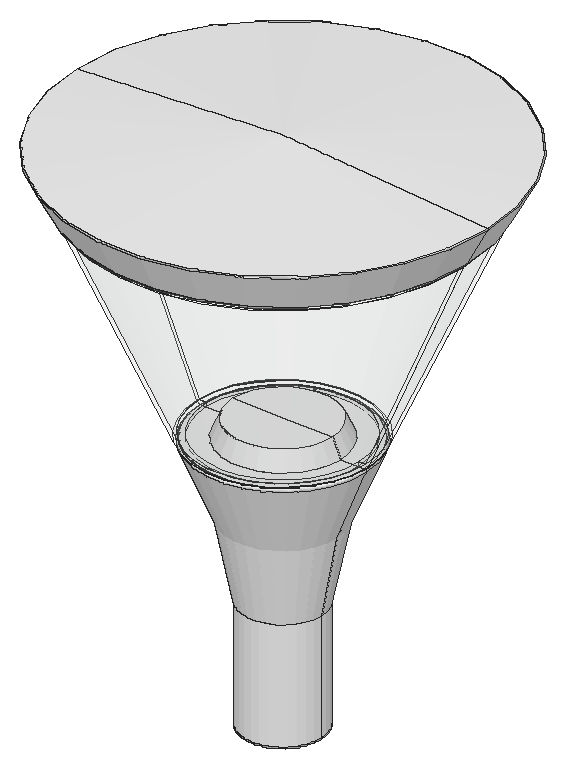
Revit family "Lighting_Outside_Focus_Sky_Park", category Lighting Fixtures, Revit 2017
Family settings
  Round Connector Dimension = Use Diameter
  Part Type = Normal
  OmniClass Number = 23.80.70.14
  OmniClass Title = Luminaries for External Lighting
  Work Plane-Based = No
  Always vertical = Yes
  Cut with Voids When Loaded = No
  Light Source = Yes
  Shared = No
  Room Calculation Point = No
Parameters (values of type "Sky Park LED 2700K, max 4550 lm")
  Youtube clip = "https://www.youtube.com/watch?v=FqFnvlRtCvg"
  Weight Net (Kg) = "8"
  Weight = "8.4 kg"
  Wattage = 10.4348 W
  WarrantyStartDate [instance] = "n/a"
  WarrantyGuarantorParts = "n/a"
  WarrantyGuarantorLabor = "n/a"
  WarrantyDurationUnit = "Hours"
  WarrantyDurationParts = "n/a"
  WarrantyDurationLabor = "n/a"
  WarrantyDescription = "n/a"
  built-in parameter 1150110 = 1 (stored number, unit not read)
  VersionDate = "01/07/2020"  # constant formula
  Version = "2"  # constant formula
  UsageCurrent = 22 A
  Uniformat II Description = ""
  Uniformat II Code = ""
  Uniclass2015Reference = "Pr_70_70_48_46"
  Uniclass2015Description = "Light-emitting diode (LED) luminaires"
  Uniclass2 = "Pr_70_70_49_43"
  Uniclass 2015 Name = ""
  Uniclass 2015 Code = ""
  Uniclass 2.0 Description = ""
  Uniclass 2.0 Code = ""
  Uniclass 1.4 Description = ""
  Uniclass 1.4 Code = ""
  URL = "https://www.focus-lighting.dk/products/sky-park/sky-park/"
  UNSPSC Code = "3911"
  TotalWattage = 40 W
  built-in parameter 1114217 = 1 (stored number, unit not read)
  Tilt Angle = -90.00°
  built-in parameter 1150109 = 1 (stored number, unit not read)
  built-in parameter 1150134 = (empty or 0)
  Technical description = "http://www.focus-lighting.dk/media/72731/skypark_eng_productdata.pdf"
  TagNumber [instance] = "n/a"
  SustainabilityPerformance = "n/a"
  built-in parameter 1150113 = 1 (stored number, unit not read)
  Size = "480 x 480 x 4618 mm"
  Shape = "Sculptured"
  SerialNumber [instance] = "n/a"
  Revision = "2"  # constant formula
  ReplacementCost = "n/a"
  Region South America = "None"
  Region Oceania = "None"
  Region North America = "None"
  Region Middle East = "None"
  Region Europe = "DE, DK, SE"
  Region Asia = "None"
  Region Antarctica = "None"
  Region Africa = "None"
  QR code = "http://bimobject.com/focuslighting/product/8830-4827"
  ProductInformation = "n/a"
  ProductDatasheet = "https://www.focus-lighting.dk/media/72731/skypark_eng_productdata.pdf"
  Product url = "http://www.focus-lighting.dk/products/sky-park/sky-park/"
  Product group = "SkyPark"
  Product family = "Outdoor"
  Product data url = "https://bimobject.com/focuslighting/product/8830-4827"
  Product certification = ""
  Product SKU = "8830-4827"
  Product Guid = "d1a2a0f7-de18-4b5b-9757-2e78987ef951"
  Photometric Web File = "Sky_827.IES"
  PhaseReference = "n/a"
  PhaseAngle = 0.00°
  OtherControlOptions = "DALI, Line switch, AmpDim; DALI via Zhaga book 18 socket"
  OmniClass Description = ""
  OmniClass Code = ""
  NumberOfSources = 0
  NumberOfPoles = 1
  NominalVoltageCalc = 220 V
  NominalVoltage = 220 V
  NominalRadius = 0 mm
  NominalFrequencyRange = 50 Hz
  NominalDiameter = 0 mm
  NominalDepth = 480 mm
  NominalCurrent = 0 A
  Nominal width = 480 mm
  Nominal height = 618 mm
  Name = "Focus_Sky_Park"  # constant formula
  NBSReference = "90-60-50/405"
  NBSDescription = "General purpose luminaires"
  NBS Reference Description = ""
  NBS Reference Code = ""
  ModelReference = "8833-"
  ModelNumber = "n/a"
  Model = "Sky Park LED 2700K, max 4550 lm"
  Material secondary = "Polycarbonate"
  Material main = "Aluminium"
  Material = "Cast aluminium & polycarbonate"
  Masterformat 2014 Description = ""
  Masterformat 2014 Code = ""
  ManufacturersSpecificInformation = "n/a"
  ManufacturerURL = "https://www.focus-lighting.dk/home/"
  ManufacturerName = "Focus Lighting"
  Manufacturer name = ""
  Manufacturer country = "Denmark"
  Manufacturer = "Focus Lighting"
  MaintenanceFactor = 0
  Lumens = 1550 lm
  built-in parameter 1150115 = 1 (stored number, unit not read)
  built-in parameter 1150105 = 252.6 (stored number, unit not read)
  LightingProtectionClassification = "Class II"
  LightSource = "LED Bridgelux VERO 18"
  LightFixturePlacingType = "Floor"
  LightFixtureMountingType = "Surface"
  LightFixtureMainMaterial [instance] = Die cast aluminum graphite grey
  built-in parameter 1150137 = (empty or 0)
  built-in parameter 1150139 = (empty or 0)
  LensMaterial = Clear polycarbonate
  built-in parameter 1150112 = 1 (stored number, unit not read)
  built-in parameter 1150114 = 1 (stored number, unit not read)
  InsulationStandardClass = "n/a"
  InstallationDate [instance] = "n/a"
  Installation instructions = "http://www.focus-lighting.dk/media/5002/skypark_instruction.pdf"
  built-in parameter 1150132 = 2
  built-in parameter 1150102 = (empty or 0)
  built-in parameter 1150138 = (empty or 0)
  built-in parameter 1150107 = 2700 (stored number, unit not read)
  ImpactResistance = "IK10"
  built-in parameter 1150106 = 2.526 (stored number, unit not read)
  IfcExportType = "NOTDEFINED"  # constant formula
  IfcExportAs = "IfcLightFixtureType"  # constant formula
  IP_Code = "IP 66"
  IFC Classification = "Light Fixture"
  HasProtectiveEarth = no
  Grade = "n/a"
  GTIN code = ""
  Finish = "Cast aluminium : Graphite grey: SW302G (close to RAL 9007); Silver grey: MW300D; Corten brown: YX355F Mars 2525; Black: Noir 900 Sablé SN351F. Diffuser: Clear polycarbonate with UV-resistant acrylic. Option for screen for asymmetrical light."
  Features = "Mounting: On pole, 60 mm top diameter, or on 90 mm pole with 100 mm top pipe In case of 90 mm pole, the connection ring 8005- is required. 4.5 m PKL-lead, 2x1.5 mm2, mounted in the luminaire."
  ExpectedLife = "Min 100,000 hours"
  ElectricalDeviceNominalPower = 0
  built-in parameter 1150104 = 13.8 (stored number, unit not read)
  Edition number = 1
  DurationUnit = "Hours"
  Driver = "Xitanium Full Xi FP 40 W 0.3-1.0 A programmable"
  Dimming Lamp Color Temperature Shift = <None>
  Dimming = "8-100% programming range"
  Designer = "AART designers"
  Design country = "Denmark"
  Description = "The simple main shape of the Sky lantern reflects the direction and natural spread of light and facilitates the interaction between design and lighting technology. The high-quality materials and the elegant shape make the luminaire very suitable for a wide variety of functions. The cylindrical unit between lantern and pole offers the possibility of customized branding."
  DefaultElevation = 0 mm
  Date of publishing = "4/22/2015"
  CorrosionResistance = "C4"
  ConvergoRefNr = "0154-1802-0002-DK"
  Constituents = "n/a"
  ColourTolerance = "3 steps SDCM"
  ColourRenderingIndex = "min 80 Ra, typically 85 Ra"
  Color Filter = 16777215
  Color = "Various"
  Collection = "Sky"
  CodePerformance = "n/a"
  Category = "Outdoor"
  COBIe Type Category = ""
  Brand url = "http://focus-lighting.dk"
  Brand = "Focus Lighting"
  Barcode [instance] = "n/a"
  built-in parameter 1114218 = 1 (stored number, unit not read)
  BIMobject main category code = "lighting"
  BIMobject main category = "Lighting"
  BIMobject category code = "lighting-outside"
  BIMobject category = "Outside"
  BIMObjectName = "Lighting_Outside_Focus_Sky_Park"  # constant formula
  Author = "Convergo AB"  # constant formula
  built-in parameter 1150133 = 10 (stored number, unit not read)
  AssetType = "Fixed"
  AssetIdentifier [instance] = "n/a"
  ArticleNumber = "8833-"
  AccessibilityPerformance = "n/a"
Types (3, lengths in mm): name | Wattage | built-in parameter 1150134 | Photometric Web File | Model | Lumens | built-in parameter 1150105 | built-in parameter 1150107 | built-in parameter 1150106
  Sky Park LED 2700K, max 4550 lm | 10.4348 W | (empty or 0) | "Sky_827.IES" | "Sky Park LED 2700K, max 4550 lm" | 1550 lm | 252.6 (stored number, unit not read) | 2700 (stored number, unit not read) | 2.526 (stored number, unit not read)
  Sky Park LED 3000K, max 4800 lm | 11.108 W | (empty or 0) | "Sky_830.IES" | "Sky Park LED 3000K, max 4800 lm" | 1650 lm | 268.9 (stored number, unit not read) | 3000 (stored number, unit not read) | 2.689 (stored number, unit not read)
  Sky Park LED 4000K, max 4900 lm | 11.4446 W | 12 | "Sky_840.IES" | "Sky Park LED 4000K, max 4900 lm" | 1700 lm | 277.05 (stored number, unit not read) | 4000 (stored number, unit not read) | 2.7705 (stored number, unit not read)
Reference planes
  plane 1 "Light Source Axis (F/B)": y = 0
  plane 2: z = 0
  plane 3 "Light Source Axis (L/R)": x = 0
  plane 4 "Light Source Elevation": z = 301.597
  plane 5: x = -240
  plane 6: y = 240
  plane 7: x = 240
  plane 8: y = -240
  plane 9: z = 618
Dimensions and locks
  equal spacing: plane 5, plane 3 "Light Source Axis (L/R)", plane 7
  locked: plane 5 to plane 7 at 480
  equal spacing: plane 8, plane 1 "Light Source Axis (F/B)", plane 6
  "NominalDepth": plane 8 to plane 6
  aligned and locked: plane 3 "Light Source Axis (L/R)" to imposter light
  aligned and locked: plane 1 "Light Source Axis (F/B)" to imposter light
  aligned and locked: plane 4 "Light Source Elevation" to imposter light
  aligned and locked: level to plane 2
  aligned and locked: plane 4 "Light Source Elevation" to nested 1
Nested families
  nested 1: "SkyPark_Luminaire" at (0, 0, 0), BodyMaterial <- "LightFixtureMainMaterial", GlassMaterial <- "LensMaterial", type "SkyPark_Luminaire"
    with GlassMaterial Clear polycarbonate, BodyMaterial Die cast aluminum graphite grey
Definition of nested family "SkyPark_Luminaire"
  Parameters (values of type "Cast aluminum -  Sky park - Focus Lighting")
    GlassMaterial [instance] = none
    BodyMaterial [instance] = none
  Reference planes
    plane 1 "Light Source Axis (F/B)": y = 0
    plane 2: z = 0
    plane 3 "Light Source Axis (L/R)": x = 0
    plane 4 "Light Source Elevation": z = 4618
    plane 5: x = 240
    plane 6: x = -240
    plane 7: y = 240
    plane 8: y = -240
    plane 9: z = 618
  Forms (mm)
    Revolve 1, solid, material <- "BodyMaterial", detail levels medium+fine
      sketch origin (0, 0, 0) x (1, 0, 0) y (0, 0, 1)
        loop
          line (0, 321.597) -> (-57.98, 321.597) -> (-67.306, 301.597) -> (-95.246, 301.597)
          arc (-95.246, 301.597) -> (-97.226, 300.467) -> (-97.262, 298.188) r 2.3
          arc (-97.262, 298.188) -> (-62.635, 216.784) -> (-45, 130.097) r 439.775
          line (-45, 130.097) -> (-45, 2)
          arc (-45, 2) -> (-44.414, 0.586) -> (-43, 0) r 2
          line (-43, 0) -> (0, 0) -> (0, 321.597)
        loop
          line (-214.652, 557.597) -> (0, 557.597) -> (0, 618)
          arc (0, 618) -> (-119.893, 614.298) -> (-239.328, 603.206) r 1943.212
          arc (-239.328, 603.206) -> (-239.942, 602.777) -> (-239.932, 602.028) r 0.8
          line (-239.932, 602.028) -> (-216.144, 558.482)
          arc (-216.144, 558.482) -> (-215.52, 557.835) -> (-214.652, 557.597) r 1.7
        axis (0, 618) -> (0, 0)
      angle from 0 to 360
    Revolve 2, solid, material <- "GlassMaterial", detail levels medium+fine
      sketch origin (0, 0, -4037.261) x (1, 0, 0) y (0, 0, 1)
        loop
          line (-211.794, 4594.891) -> (-211.794, 4589.91) -> (-100.388, 4341.809)
          arc (-100.388, 4341.809) -> (-98.543, 4339.66) -> (-95.827, 4338.857) r 5
          line (-95.827, 4338.857) -> (-88.76, 4338.857) -> (-88.76, 4343.481) -> (-96.754, 4343.481) -> (-207.794, 4590.767) -> (-207.794, 4594.891) -> (-211.794, 4594.891)
        axis (0, 4594.891) -> (0, 4338.857)
      angle from 0 to 360
    Extrusion 3, solid, material <- "BodyMaterial", detail levels coarse
      sketch origin (0, 0, 0) x (1, 0, 0) y (0, 1, 0)
        loop
          line (-240, 240) -> (-240, -240) -> (240, -240) -> (240, 240) -> (-240, 240)
      from 0 to 618
  Lines and regions (mm)
    symbolic lines, detail levels medium+fine
      curve 1: circle (0, 0, 0) r 240 normal (0, 0, 1)
      curve 2: line (45, 0, 0) -> (45, 0, 130.097)
      curve 3: line (-45, 0, 0) -> (-45, 0, 130.097)
      curve 4: line (-214.652, 0, 557.597) -> (-211.794, 0, 557.597)
      curve 5: line (0, 45, 0) -> (0, 45, 130.097)
      curve 6: line (0, -45, 0) -> (0, -45, 130.097)
      curve 7: line (-239.938, 0, 602.04) -> (-216.144, 0, 558.482)
      curve 8: arc (-239.239, 0, 603.218) -> (-239.924, 0, 602.828) -> (-239.938, 0, 602.04) r 0.796
      curve 9: arc (-216.144, 0, 558.482) -> (-215.52, 0, 557.835) -> (-214.652, 0, 557.597) r 1.7
      curve 10: arc (-97.246, 0, 298.183) -> (-62.51, 0, 216.817) -> (-45, 0, 130.097) r 433.875
      curve 11: line (-211.794, 0, 552.65) -> (-211.794, 0, 557.597)
      curve 13: line (214.652, 0, 557.597) -> (211.794, 0, 557.597)
      curve 14: line (239.938, 0, 602.04) -> (216.144, 0, 558.482)
      curve 15: arc (239.239, 0, 603.218) -> (239.924, 0, 602.828) -> (239.938, 0, 602.04) r 0.796
      curve 16: arc (216.144, 0, 558.482) -> (215.52, 0, 557.835) -> (214.652, 0, 557.597) r 1.7
      curve 17: line (211.794, 0, 552.65) -> (211.794, 0, 557.597)
      curve 18: arc (-239.239, 0, 603.218) -> (0, 0, 618) -> (239.239, 0, 603.218) r 1943.392
      curve 19: line (-211.794, 0, 552.65) -> (-100.388, 0, 304.549)
      curve 21: arc (97.246, 0, 298.183) -> (62.51, 0, 216.817) -> (45, 0, 130.097) r 433.875
      curve 22: line (211.794, 0, 552.65) -> (100.388, 0, 304.549)
      curve 25: arc (-97.246, 0, 298.183) -> (-97.215, 0, 300.465) -> (-95.234, 0, 301.597) r 2.3
      curve 26: arc (95.42, 0, 301.589) -> (95.327, 0, 301.595) -> (95.234, 0, 301.597) r 2.3
      curve 27: arc (-100.388, 0, 304.549) -> (-98.291, 0, 302.235) -> (-95.234, 0, 301.597) r 5.05
      curve 28: arc (100.388, 0, 304.549) -> (98.371, 0, 302.285) -> (95.42, 0, 301.589) r 5.036
      curve 29: arc (95.42, 0, 301.589) -> (97.261, 0, 300.383) -> (97.246, 0, 298.183) r 2.3
      curve 31: line (0, 211.794, 552.65) -> (0, 100.388, 304.549)
      curve 33: arc (0, 97.28, 298.195) -> (0, 62.782, 216.745) -> (0, 45, 130.097) r 446.944
      curve 34: arc (0, 95.261, 301.597) -> (0, 97.239, 300.47) -> (0, 97.28, 298.195) r 2.3
      curve 35: arc (0, 100.388, 304.549) -> (0, 98.302, 302.243) -> (0, 95.261, 301.597) r 5.046
      curve 36: line (0, -211.794, 552.65) -> (0, -100.388, 304.549)
      curve 37: arc (0, -97.28, 298.195) -> (0, -62.782, 216.745) -> (0, -45, 130.097) r 446.944
      curve 38: arc (0, -95.261, 301.597) -> (0, -97.239, 300.47) -> (0, -97.28, 298.195) r 2.3
      curve 39: arc (0, -100.388, 304.549) -> (0, -98.302, 302.243) -> (0, -95.261, 301.597) r 5.046
      curve 40: line (0, 211.794, 552.65) -> (0, 211.794, 557.597)
      curve 41: arc (0, 239.328, 603.206) -> (0, 0, 618) -> (0, -239.328, 603.206) r 1943.212
      curve 42: line (0, 216.144, 558.482) -> (0, 239.932, 602.028)
      curve 43: line (0, 214.652, 557.597) -> (0, 211.794, 557.597)
      curve 44: arc (0, 239.328, 603.206) -> (0, 239.942, 602.777) -> (0, 239.932, 602.028) r 0.8
      curve 45: arc (0, 216.144, 558.482) -> (0, 215.52, 557.835) -> (0, 214.652, 557.597) r 1.7
      curve 46: line (0, -211.794, 552.65) -> (0, -211.794, 557.597)
      curve 47: line (0, -216.144, 558.482) -> (0, -239.932, 602.028)
      curve 48: line (0, -214.652, 557.597) -> (0, -211.794, 557.597)
      curve 49: arc (0, -239.328, 603.206) -> (0, -239.942, 602.777) -> (0, -239.932, 602.028) r 0.8
      curve 50: arc (0, -216.144, 558.482) -> (0, -215.52, 557.835) -> (0, -214.652, 557.597) r 1.7
    symbolic lines, detail levels fine
      curve 12: line (-211.794, 0, 557.597) -> (211.794, 0, 557.597)
      curve 20: line (-95.234, 0, 301.597) -> (95.234, 0, 301.597)
      curve 23: line (-45, 0, 130.097) -> (45, 0, 130.097)
      curve 24: line (-239.938, 0, 602.04) -> (239.938, 0, 602.04)
      curve 30: line (0, 45, 130.097) -> (0, -45, 130.097)
      curve 32: line (0, -95.261, 301.597) -> (0, 95.261, 301.597)
      curve 51: line (0, 211.794, 557.597) -> (0, -211.794, 557.597)
      curve 52: line (0, 239.932, 602.028) -> (0, -239.932, 602.028)
      curve 53: line (0, -45, 0) -> (0, 45, 0)
      curve 54: line (-45, 0, 0) -> (45, 0, 0)
  Dimensions and locks
    equal spacing: plane 6, plane 3 "Light Source Axis (L/R)", plane 5
    equal spacing: plane 7, plane 1 "Light Source Axis (F/B)", plane 8
    plane 7 to plane 8 = 480 mm
    plane 6 to plane 5 = 480 mm
    diameter of curve 1 = 480 mm
    aligned and locked: level to plane 2
    aligned and locked: Extrusion 3 sketch curve to plane 7
    aligned and locked: Extrusion 3 sketch curve to plane 6
    aligned and locked: Extrusion 3 sketch curve to plane 8
    aligned and locked: Extrusion 3 sketch curve to plane 5
  Automatic sketch dimensions
    Revolve 2 sketch curve to plane 3 "Light Source Axis (L/R)" = 0 mm
    Revolve 2 sketch curve to Revolve 2 sketch curve = 7.067 mm
    Revolve 2 sketch curve to Revolve 2 sketch curve = 0.927 mm
    Revolve 2 sketch curve to Revolve 2 sketch curve = 3.634 mm
    Revolve 2 sketch curve to plane 6 = 32.206 mm
    Revolve 2 sketch curve to Revolve 2 sketch curve = 4 mm
    Revolve 2 sketch curve to Revolve 2 sketch curve = 0.376 mm
    Revolve 1 sketch curve to plane 3 "Light Source Axis (L/R)" = 0 mm  (x3)
    plane 4 "Light Source Elevation" to Revolve 1 sketch curve = 4000 mm  (x2)
    Revolve 1 sketch curve to Revolve 1 sketch curve = 9.326 mm
    Revolve 1 sketch curve to Revolve 1 sketch curve = 27.94 mm
    Revolve 1 sketch curve to plane 6 = 25.348 mm
    Revolve 1 sketch curve to plane 6 = 0.77 mm
    Revolve 1 sketch curve to plane 6 = 0.068 mm
    plane 6 to Revolve 1 sketch curve = 242.58 mm
    Revolve 1 sketch curve to Revolve 1 sketch curve = 43 mm
    Revolve 1 sketch curve to Revolve 1 sketch curve = 128.097 mm
    Revolve 1 sketch curve to Revolve 1 sketch curve = 2.3 mm
    Revolve 1 sketch curve to Revolve 1 sketch curve = 0.384 mm
    curve 41 to plane 1 "Light Source Axis (F/B)" = 0 mm
    curve 39 to curve 38 = 0.524 mm
    curve 36 to curve 39 = 4.603 mm
    curve 46 to plane 8 = 28.206 mm
    curve 50 to curve 46 = 2.858 mm
    curve 47 to curve 50 = 1.492 mm
    curve 49 to plane 8 = 0.77 mm
    curve 47 to plane 8 = 0.068 mm
    plane 8 to curve 37 = 249.562 mm
    curve 35 to curve 35 = 0.524 mm
    curve 35 to curve 31 = 4.603 mm
    curve 43 to plane 7 = 28.206 mm
    curve 40 to curve 43 = 2.858 mm
    curve 45 to curve 42 = 1.492 mm
    curve 44 to plane 7 = 0.77 mm
    curve 42 to plane 7 = 0.068 mm
    plane 7 to curve 33 = 249.562 mm
    plane 4 "Light Source Elevation" to curve 47 = 4015.972 mm
    curve 44 to curve 44 = 0.384 mm
    curve 47 to curve 49 = 0.384 mm
    curve 41 to curve 49 = 0 mm
    curve 18 to plane 3 "Light Source Axis (L/R)" = 0 mm
    curve 27 to curve 25 = 0.547 mm
    curve 19 to curve 27 = 4.607 mm
    curve 11 to plane 6 = 28.206 mm
    curve 9 to curve 4 = 2.858 mm
    curve 7 to curve 9 = 1.492 mm
    curve 8 to plane 6 = 0.761 mm
    curve 24 to plane 6 = 0.062 mm
    plane 6 to curve 10 = 236.832 mm
    curve 26 to curve 28 = 0.56 mm
    curve 28 to curve 22 = 4.594 mm
    curve 17 to plane 5 = 28.206 mm
    curve 12 to curve 16 = 2.858 mm
    curve 16 to curve 14 = 1.492 mm
    curve 15 to plane 5 = 0.761 mm
    curve 24 to plane 5 = 0.062 mm
    plane 5 to curve 21 = 236.832 mm
    curve 22 to curve 28 = 2.063 mm
    plane 4 "Light Source Elevation" to curve 7 = 4015.96 mm
    curve 15 to curve 15 = 0.382 mm
    curve 1 to plane 3 "Light Source Axis (L/R)" = 0 mm
    plane 1 "Light Source Axis (F/B)" to curve 1 = 0 mm
    curve 26 to curve 29 = 0 mm  (x2)
    curve 19 to plane 3 "Light Source Axis (L/R)" = 100.388 mm
    curve 3 to plane 3 "Light Source Axis (L/R)" = 45 mm
    plane 3 "Light Source Axis (L/R)" to curve 2 = 45 mm
    plane 3 "Light Source Axis (L/R)" to curve 29 = 95.234 mm
    Revolve 1 sketch curve to plane 3 "Light Source Axis (L/R)" = 95.246 mm
    Revolve 1 sketch curve to Revolve 1 sketch curve = 2 mm
    Revolve 2 sketch curve to plane 3 "Light Source Axis (L/R)" = 100.388 mm
    curve 54 to level = 0 mm
    curve 18 to level = 1325.392 mm
    level to curve 10 = 88.034 mm
    level to curve 21 = 88.034 mm
    level to curve 2 = 130.097 mm
    curve 2 to curve 29 = 169.2 mm
    curve 10 to curve 25 = 169.2 mm
    curve 25 to curve 20 = 2.3 mm
    curve 26 to curve 22 = 2.952 mm
    curve 25 to curve 19 = 2.952 mm
    curve 33 to curve 34 = 169.2 mm
    curve 37 to curve 38 = 169.2 mm
    curve 34 to curve 32 = 2.3 mm
    curve 38 to curve 36 = 2.952 mm
    curve 35 to curve 31 = 2.952 mm
    Revolve 1 sketch curve to Revolve 1 sketch curve = 1776.753 mm
    Revolve 1 sketch curve to Revolve 1 sketch curve = 43.878 mm
    Revolve 1 sketch curve to Revolve 1 sketch curve = 169.2 mm
    Revolve 1 sketch curve to Revolve 1 sketch curve = 20 mm
    Revolve 2 sketch curve to Revolve 2 sketch curve = 186.576 mm
    Revolve 2 sketch curve to Revolve 2 sketch curve = 1.672 mm
    curve 17 to curve 15 = 49.772 mm
    curve 19 to curve 8 = 49.772 mm
    curve 17 to curve 13 = 4.947 mm
    curve 16 to curve 14 = 0.885 mm
    curve 9 to curve 7 = 0.885 mm
    plane 4 "Light Source Elevation" to curve 33 = 4533.986 mm
    plane 4 "Light Source Elevation" to curve 37 = 4533.986 mm
    curve 33 to curve 30 = 46.083 mm
    curve 36 to curve 49 = 49.762 mm
    curve 31 to curve 44 = 49.762 mm
    curve 31 to curve 43 = 4.947 mm
    curve 50 to curve 47 = 0.885 mm
    curve 45 to curve 42 = 0.885 mm
    Revolve 1 sketch curve to Revolve 1 sketch curve = 1.492 mm
    Revolve 1 sketch curve to Revolve 1 sketch curve = 1927.241 mm
    Revolve 1 sketch curve to Revolve 1 sketch curve = 60.403 mm
    Revolve 1 sketch curve to Revolve 1 sketch curve = 0.885 mm
    plane 4 "Light Source Elevation" to Revolve 2 sketch curve = 4316.403 mm
    plane 4 "Light Source Elevation" to Revolve 2 sketch curve = 4065.35 mm
    Revolve 2 sketch curve to Revolve 2 sketch curve = 0.857 mm
    Revolve 2 sketch curve to Revolve 2 sketch curve = 4.981 mm
    plane 4 "Light Source Elevation" to Revolve 2 sketch curve = 4037.261 mm
    curve 53 to level = 0 mm
    curve 41 to level = 1325.212 mm
    plane 1 "Light Source Axis (F/B)" to curve 36 = 100.388 mm
    plane 1 "Light Source Axis (F/B)" to curve 6 = 45 mm
    curve 53 to plane 1 "Light Source Axis (F/B)" = 45 mm
    curve 32 to plane 1 "Light Source Axis (F/B)" = 95.261 mm
    Revolve 1 sketch curve to level = 0 mm
    Revolve 1 sketch curve to level = 1325.212 mm
